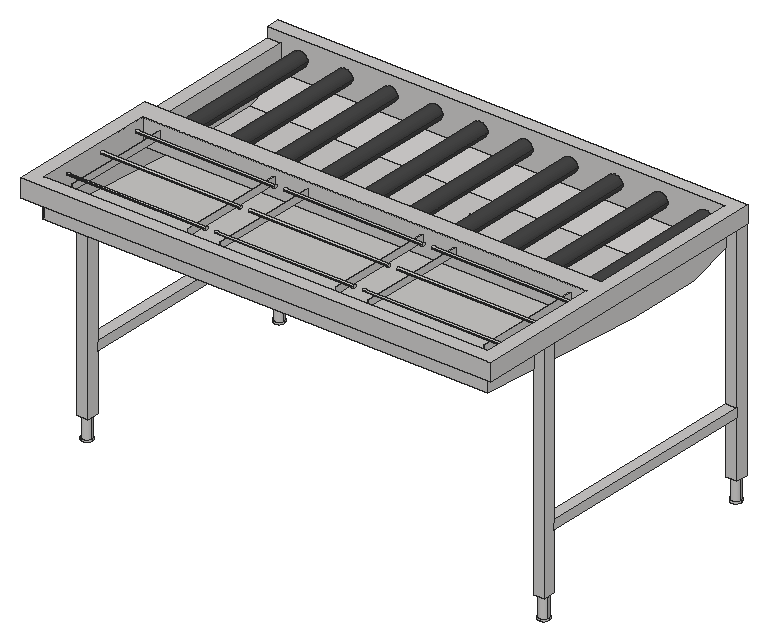
Revit family "QF_ELECTROLUXPROFESSIONAL_865257_HSMSS3RL", category Specialty Equipment, Revit 2018
Family settings
  Round Connector Dimension = Use Diameter
  Part Type = Normal
  Work Plane-Based = No
  Always vertical = Yes
  Cut with Voids When Loaded = No
  Shared = No
  Room Calculation Point = No
Parameters
  Weight = 0.00 kg
  Watts = 0 W
  Volts = 0 V
  URL Manufacturer = ""
  Steam Supply Size = 0 mm
  Steam Supply Minimum Pressure = 0.0 Pa
  Steam Supply Maximum Pressure = 0.0 Pa
  Steam Pounds per Hour = 0
  Refrigeration Suction Line Size = 0 mm
  Refrigeration Liquid Line Size = 0 mm
  Refrigerant Compressor Remote = yes
  Phase = 0
  Length Actual = 0 mm
  Item Number = ""
  Hot Water Size = 0 mm
  Height Actual = 0 mm
  HP = ""
  Gas Size = 0 mm
  Gas KW = 0
  Gas Input Pressure = 0 W
  Depth Actual = 0 mm
  Cycle = 0 Hz
  Condensate Return Size = 0 mm
  Compressed Air Volume = 0.0 L/s
  Compressed Air Size = 0 mm
  Compressed Air Pressure = 0.0 Pa
  Cold Water Size = 0 mm
  Accessory = yes
Reference planes
  plane 1: z = 0
  plane 2 "RIGHT": x = 300
  plane 3: z = 910
  plane 4: z = 0
  plane 5: z = 300
  plane 6 "BACK": y = 310
  plane 7 "FRONT": y = -800
  plane 8 "LEFT": x = -1320
  plane 9 "Center": y = 0
Forms (mm)
  Extrusion 1, solid, material "QF_Finishes_Stainless Steel"
    sketch origin (0, 0, 0) x (-1, 0, 0) y (0, -1, 0)
      loop
        line (1320, 800) -> (-300, 800) -> (-300, -310) -> (1320, -310) -> (1320, -265) -> (-255, -265) -> (-255, 755) -> (1275, 755) -> (1275, 265) -> (1320, 265) -> (1320, 800)
    from 850.091 to 910
  Extrusion 2, solid, material "QF_Finishes_Stainless Steel"
    sketch origin (0, 0, 0) x (0, 1, 0) y (0, 0, -1)
      loop
        line (-756.248, -850.091) -> (-755, -850.091) -> (-755, -784.848) -> (-131.111, -741.138) -> (130.374, -741.138) -> (265, -784.879) -> (265, -850.091) -> (266.249, -850.091) -> (266.249, -782.13) -> (130.849, -738.138) -> (-131.216, -738.138) -> (-756.248, -781.928) -> (-756.248, -850.091)
    from -255 to 1275
  Revolve 3, solid, material "QF_Finishes_Stainless Steel"
    sketch origin (-510, 0.526, -123.199) x (-1, 0, 0) y (0, 0, -1)
      loop
        line (76.494, -861.337) -> (76.494, -847.59)
        arc (76.494, -847.59) -> (75.89, -845.987) -> (74.39, -845.16) r 2.474
        arc (74.39, -845.16) -> (71.083, -841.301) -> (74.377, -837.43) r 3.913
        arc (74.377, -837.43) -> (75.887, -836.598) -> (76.494, -834.985) r 2.49
        line (76.494, -834.985) -> (76.494, -794.661)
        arc (76.494, -794.661) -> (65.844, -763.962) -> (38.457, -746.476) r 49.516
        line (38.457, -746.476) -> (38.457, -743.987) -> (37.25, -742.336) -> (37.25, -740.749) -> (23.47, -734.749) -> (23.47, -698.838) -> (21.946, -697.377) -> (0, -697.377) -> (0, -861.337) -> (76.494, -861.337)
      axis (0, -861.337) -> (0, -697.377)
    angle from 0 to 360
  Extrusion 4, solid, material "QF_Finishes_Stainless Steel"
    sketch origin (0, 0, 0) x (-1, 0, 0) y (0, -1, 0)
      loop
        line (-255, 330.124) -> (-255, 265) -> (1275, 265) -> (1275, 330.124) -> (-255, 330.124)
    from 820 to 910
  Extrusion 5, solid, material "QF_Finishes_Stainless Steel"
    sketch origin (6.015, 0, -602.691) x (-1, 0, 0) y (0, -1, 0)
      loop
        line (1283.015, -266.249) -> (1323.015, -266.249) -> (1323.015, 521.738) -> (1283.015, 521.738) -> (1283.015, -266.249)
    from 872.691 to 902.691
  Extrusion 6, solid, material "QF_Finishes_Stainless Steel"
    sketch origin (-1277, 0, 0) x (0, 1, 0) y (0, 0, -1)
      loop
        line (-756.248, -781.928) -> (-756.248, -850.091) -> (-265, -850.091) -> (-265, -875) -> (265, -875) -> (265, -850.091) -> (266.249, -850.091) -> (266.249, -782.13) -> (130.849, -738.138) -> (-131.216, -738.138) -> (-756.248, -781.928)
    from 0 to -2
  Extrusion 7, solid, material "QF_Finishes_Stainless Steel"
    sketch origin (257, 0, 0) x (0, 1, 0) y (0, 0, 1)
      loop
        line (-756.248, 850.091) -> (-756.248, 781.928) -> (-131.216, 738.138) -> (130.849, 738.138) -> (266.249, 782.13) -> (266.249, 850.091) -> (-756.248, 850.091)
    from 0 to -2
  Extrusion 8, solid, material "QF_Finishes_Stainless Steel"
    sketch origin (-1026, 0.054, -598.981) x (1, 0, 0) y (0, 1, 0)
      loop
        line (1283, 266.195) -> (1283, -521.792) -> (1323, -521.792) -> (1323, 266.195) -> (1283, 266.195)
    from 869.081 to 898.981
  Extrusion 9, solid, material "QF_Finishes_Black"
    sketch origin (0, -2.5, 0) x (-1, 0, 0) y (0, 0, 1)
      loop
        circle (1207.529, 850.047) r 25
      loop
        circle (1052.523, 850.047) r 25
      loop
        circle (897.516, 850.047) r 25
      loop
        circle (742.51, 850.047) r 25
      loop
        circle (587.503, 850.047) r 25
      loop
        circle (432.497, 850.047) r 25
      loop
        circle (277.49, 850.047) r 25
      loop
        circle (122.484, 850.047) r 25
      loop
        circle (-32.523, 850.047) r 25
      loop
        circle (-187.529, 850.047) r 25
    from -262.5 to 267.5
  Extrusion 10, solid, material "QF_Finishes_Stainless Steel"
    sketch origin (0, -7.263, 2.863) x (-1, 0, 0) y (0, -1, 0)
      loop
        line (-200.029, 694.438) -> (-200.029, 322.861) -> (-196.981, 322.861) -> (-196.981, 694.438) -> (-200.029, 694.438)
      loop
        line (196.981, 694.438) -> (196.981, 322.861) -> (200.029, 322.861) -> (200.029, 694.438) -> (196.981, 694.438)
      loop
        line (1220.049, 694.438) -> (1217.001, 694.438) -> (1217.001, 322.861) -> (1220.049, 322.861) -> (1220.049, 694.438)
      loop
        line (823.039, 694.438) -> (819.991, 694.438) -> (819.991, 322.861) -> (823.039, 322.861) -> (823.039, 694.438)
      loop
        line (710.007, 694.438) -> (707.023, 694.438) -> (707.023, 322.861) -> (710.007, 322.861) -> (710.007, 694.438)
      loop
        line (312.997, 694.438) -> (310.013, 694.438) -> (310.013, 322.861) -> (312.997, 322.861) -> (312.997, 694.438)
    from 860 to 881.896
  Extrusion 11, solid, material "QF_Finishes_Stainless Steel"
    sketch origin (-2327.512, 265, 0) x (0, 1, 0) y (0, 0, 1)
      loop
        circle (-937.158, 888.745) r 3.985
      loop
        circle (-788.819, 888.745) r 3.985
      loop
        circle (-640.48, 888.745) r 3.985
    from 1067.5 to 1547.5
  Extrusion 12, solid, material "QF_Finishes_Stainless Steel"
    sketch origin (-1817.533, 265, 0) x (0, 1, 0) y (0, 0, 1)
      loop
        circle (-937.158, 888.745) r 3.985
      loop
        circle (-788.819, 888.745) r 3.985
      loop
        circle (-640.48, 888.745) r 3.985
    from 1067.5 to 1547.5
  Extrusion 13, solid, material "QF_Finishes_Stainless Steel"
    sketch origin (-1307.491, 265, 0) x (0, 1, 0) y (0, 0, 1)
      loop
        circle (-937.158, 888.745) r 3.985
      loop
        circle (-788.819, 888.745) r 3.985
      loop
        circle (-640.48, 888.745) r 3.985
    from 1067.5 to 1547.5
  Extrusion 14, solid, material "QF_Finishes_Stainless Steel"
    sketch origin (-1767.022, 52.5, 0) x (0, 1, 0) y (0, 0, -1)
      loop
        line (-362.5, -835) -> (-362.5, -850.091) -> (-317.5, -850.091) -> (-317.5, -875) -> (212.5, -875) -> (212.5, -850.091) -> (257.5, -850.091) -> (257.5, -835) -> (242.5, -820) -> (-347.5, -820) -> (-362.5, -835)
    from -450 to -447.022
  Extrusion 15, solid, material "QF_Finishes_Stainless Steel"
    sketch origin (1280, 265, 0) x (-1, 0, 0) y (0, 0, -1)
      loop
        line (2597.022, -875) -> (2597.022, -872) -> (2557, -872) -> (2557, -875) -> (2597.022, -875)
    from 0 to 530
Cuts and joins
  joined: Extrusion 1, Extrusion 2, Revolve 3, Extrusion 4, Extrusion 6, Extrusion 7, Extrusion 10, Extrusion 11, Extrusion 12, Extrusion 13, Extrusion 14, Extrusion 15
Lines and regions (mm)
  Split face 1
    outline origin (-386.315, -0.079, 741.138) x (-1, 0, 0) y (0, -1, 0)
      loop
        circle (123.685, -0.035) r 73.783
  Split face 2
    outline origin (-386.315, -0.079, 741.138) x (-1, 0, 0) y (0, -1, 0)
      loop
        circle (123.685, -0.035) r 66.01
  Split face 3
    outline origin (-386.315, -0.079, 741.138) x (-1, 0, 0) y (0, -1, 0)
      loop
        circle (123.685, -0.035) r 53.774
  Split face 4
    outline origin (-386.315, -0.079, 741.138) x (-1, 0, 0) y (0, -1, 0)
      loop
        circle (123.685, -0.035) r 50.771
  Split face 5
    outline origin (-386.315, -0.079, 741.138) x (-1, 0, 0) y (0, -1, 0)
      loop
        circle (123.685, -0.035) r 33.793
  Split face 6
    outline origin (-386.315, -0.079, 741.138) x (-1, 0, 0) y (0, -1, 0)
      loop
        circle (123.685, -0.035) r 30.826
  Split face 7
    outline origin (-386.315, -0.079, 741.138) x (-1, 0, 0) y (0, -1, 0)
      loop
        circle (123.685, -0.035) r 13.843
  Split face 8
    outline origin (-386.315, -0.079, 741.138) x (-1, 0, 0) y (0, -1, 0)
      loop
        circle (123.685, -0.035) r 10.833
  symbolic lines
    curve 1: line (-1320, 310, 0) -> (300, 310, 0)
    curve 2: line (-1320, -800, 0) -> (-1320, 310, 0)
    curve 3: line (300, -800, 0) -> (-1320, -800, 0)
    curve 4: line (300, 310, 0) -> (300, -800, 0)
    curve 5: line (-1320, 265, 0) -> (255, 265, 0)
    curve 6: line (-1275, -755, 0) -> (-1275, 265, 0)
    curve 7: line (255, -755, 0) -> (-1275, -755, 0)
    curve 8: line (-1320, -265, 0) -> (255, -265, 0)
    curve 9: line (255, -330.124, 0) -> (-1275, -330.124, 0)
    curve 10: line (-1260.012, -371.495, 0) -> (-1260.012, -379.465, 0)
    curve 11: line (-1260.012, -379.465, 0) -> (-780.012, -379.465, 0)
    curve 12: line (-780.012, -379.465, 0) -> (-780.012, -371.495, 0)
    curve 13: line (-780.012, -371.495, 0) -> (-1260.012, -371.495, 0)
    curve 14: line (-1260.012, -519.834, 0) -> (-1260.012, -527.804, 0)
    curve 15: line (-1260.012, -527.804, 0) -> (-780.012, -527.804, 0)
    curve 16: line (-780.012, -527.804, 0) -> (-780.012, -519.834, 0)
    curve 17: line (-780.012, -519.834, 0) -> (-1260.012, -519.834, 0)
    curve 18: line (-1260.012, -668.173, 0) -> (-1260.012, -676.143, 0)
    curve 19: line (-1260.012, -676.143, 0) -> (-780.012, -676.143, 0)
    curve 20: line (-780.012, -676.143, 0) -> (-780.012, -668.173, 0)
    curve 21: line (-780.012, -668.173, 0) -> (-1260.012, -668.173, 0)
    curve 22: line (-1220.049, -330.124, 0) -> (-1220.049, -371.495, 0)
    curve 23: line (-1217.001, -330.124, 0) -> (-1217.001, -371.495, 0)
    curve 24: line (-1220.049, -379.465, 0) -> (-1220.049, -519.834, 0)
    curve 25: line (-1220.049, -701.7, 0) -> (-1220.049, -676.143, 0)
    curve 26: line (-1220.049, -701.7, 0) -> (-1217.001, -701.7, 0)
    curve 27: line (-1217.001, -701.7, 0) -> (-1217.001, -676.143, 0)
    curve 28: line (-1220.049, -668.173, 0) -> (-1220.049, -527.804, 0)
    curve 29: line (-1217.001, -527.804, 0) -> (-1217.001, -668.173, 0)
    curve 30: line (-1217.001, -519.834, 0) -> (-1217.001, -379.465, 0)
    curve 31: line (-823.039, -330.124, 0) -> (-823.039, -371.495, 0)
    curve 32: line (-819.992, -330.124, 0) -> (-819.992, -371.495, 0)
    curve 33: line (-823.039, -379.465, 0) -> (-823.039, -519.834, 0)
    curve 34: line (-823.039, -701.7, 0) -> (-823.039, -676.143, 0)
    curve 35: line (-823.039, -701.7, 0) -> (-819.992, -701.7, 0)
    curve 36: line (-819.992, -701.7, 0) -> (-819.992, -676.143, 0)
    curve 37: line (-823.039, -668.173, 0) -> (-823.039, -527.804, 0)
    curve 38: line (-819.992, -527.804, 0) -> (-819.992, -668.173, 0)
    curve 39: line (-819.992, -519.834, 0) -> (-819.992, -379.465, 0)
    curve 40: line (-750.033, -371.495, 0) -> (-750.033, -379.465, 0)
    curve 41: line (-750.033, -379.465, 0) -> (-270.033, -379.465, 0)
    curve 42: line (-270.033, -379.465, 0) -> (-270.033, -371.495, 0)
    curve 43: line (-270.033, -371.495, 0) -> (-750.033, -371.495, 0)
    curve 44: line (-750.033, -519.834, 0) -> (-750.033, -527.804, 0)
    curve 45: line (-750.033, -527.804, 0) -> (-270.033, -527.804, 0)
    curve 46: line (-270.033, -527.804, 0) -> (-270.033, -519.834, 0)
    curve 47: line (-270.033, -519.834, 0) -> (-750.033, -519.834, 0)
    curve 48: line (-750.033, -668.173, 0) -> (-750.033, -676.143, 0)
    curve 49: line (-750.033, -676.143, 0) -> (-270.033, -676.143, 0)
    curve 50: line (-270.033, -676.143, 0) -> (-270.033, -668.173, 0)
    curve 51: line (-270.033, -668.173, 0) -> (-750.033, -668.173, 0)
    curve 52: line (-710.071, -330.124, 0) -> (-710.071, -371.495, 0)
    curve 53: line (-707.023, -330.124, 0) -> (-707.023, -371.495, 0)
    curve 54: line (-710.071, -379.465, 0) -> (-710.071, -519.834, 0)
    curve 55: line (-710.071, -701.7, 0) -> (-710.071, -676.143, 0)
    curve 56: line (-710.071, -701.7, 0) -> (-707.023, -701.7, 0)
    curve 57: line (-707.023, -701.7, 0) -> (-707.023, -676.143, 0)
    curve 58: line (-710.071, -668.173, 0) -> (-710.071, -527.804, 0)
    curve 59: line (-707.023, -527.804, 0) -> (-707.023, -668.173, 0)
    curve 60: line (-707.023, -519.834, 0) -> (-707.023, -379.465, 0)
    curve 61: line (-313.061, -330.124, 0) -> (-313.061, -371.495, 0)
    curve 62: line (-310.013, -330.124, 0) -> (-310.013, -371.495, 0)
    curve 63: line (-313.061, -379.465, 0) -> (-313.061, -519.834, 0)
    curve 64: line (-313.061, -701.7, 0) -> (-313.061, -676.143, 0)
    curve 65: line (-313.061, -701.7, 0) -> (-310.013, -701.7, 0)
    curve 66: line (-310.013, -701.7, 0) -> (-310.013, -676.143, 0)
    curve 67: line (-313.061, -668.173, 0) -> (-313.061, -527.804, 0)
    curve 68: line (-310.013, -527.804, 0) -> (-310.013, -668.173, 0)
    curve 69: line (-310.013, -519.834, 0) -> (-310.013, -379.465, 0)
    curve 70: line (-239.991, -371.495, 0) -> (-239.991, -379.465, 0)
    curve 71: line (-239.991, -379.465, 0) -> (240.009, -379.465, 0)
    curve 72: line (240.009, -379.465, 0) -> (240.009, -371.495, 0)
    curve 73: line (240.009, -371.495, 0) -> (-239.991, -371.495, 0)
    curve 74: line (-239.991, -519.834, 0) -> (-239.991, -527.804, 0)
    curve 75: line (-239.991, -527.804, 0) -> (240.009, -527.804, 0)
    curve 76: line (240.009, -527.804, 0) -> (240.009, -519.834, 0)
    curve 77: line (240.009, -519.834, 0) -> (-239.991, -519.834, 0)
    curve 78: line (-239.991, -668.173, 0) -> (-239.991, -676.143, 0)
    curve 79: line (-239.991, -676.143, 0) -> (240.009, -676.143, 0)
    curve 80: line (240.009, -676.143, 0) -> (240.009, -668.173, 0)
    curve 81: line (240.009, -668.173, 0) -> (-239.991, -668.173, 0)
    curve 82: line (-200.029, -330.124, 0) -> (-200.029, -371.495, 0)
    curve 83: line (-196.981, -330.124, 0) -> (-196.981, -371.495, 0)
    curve 84: line (-200.029, -379.465, 0) -> (-200.029, -519.834, 0)
    curve 85: line (-200.029, -701.7, 0) -> (-200.029, -676.143, 0)
    curve 86: line (-200.029, -701.7, 0) -> (-196.981, -701.7, 0)
    curve 87: line (-196.981, -701.7, 0) -> (-196.981, -676.143, 0)
    curve 88: line (-200.029, -668.173, 0) -> (-200.029, -527.804, 0)
    curve 89: line (-196.981, -527.804, 0) -> (-196.981, -668.173, 0)
    curve 90: line (-196.981, -519.834, 0) -> (-196.981, -379.465, 0)
    curve 91: line (196.981, -330.124, 0) -> (196.981, -371.495, 0)
    curve 92: line (200.029, -330.124, 0) -> (200.029, -371.495, 0)
    curve 93: line (196.981, -379.465, 0) -> (196.981, -519.834, 0)
    curve 94: line (196.981, -701.7, 0) -> (196.981, -676.143, 0)
    curve 95: line (196.981, -701.7, 0) -> (200.029, -701.7, 0)
    curve 96: line (200.029, -701.7, 0) -> (200.029, -676.143, 0)
    curve 97: line (196.981, -668.173, 0) -> (196.981, -527.804, 0)
    curve 98: line (200.029, -527.804, 0) -> (200.029, -668.173, 0)
    curve 99: line (200.029, -519.834, 0) -> (200.029, -379.465, 0)
    curve 100: line (-1232.529, 265, 0) -> (-1232.529, -265, 0)
    curve 101: line (-1182.529, -265, 0) -> (-1182.529, 265, 0)
    curve 102: line (-1077.523, 265, 0) -> (-1077.523, -265, 0)
    curve 103: line (-1027.523, -265, 0) -> (-1027.523, 265, 0)
    curve 104: line (-922.516, 265, 0) -> (-922.516, -265, 0)
    curve 105: line (-872.516, -265, 0) -> (-872.516, 265, 0)
    curve 106: line (-767.51, 265, 0) -> (-767.51, -265, 0)
    curve 107: line (-717.51, -265, 0) -> (-717.51, 265, 0)
    curve 108: line (-612.503, 265, 0) -> (-612.503, -265, 0)
    curve 109: line (-562.503, -265, 0) -> (-562.503, 265, 0)
    curve 110: line (-457.497, 265, 0) -> (-457.497, -265, 0)
    curve 111: line (-407.497, -265, 0) -> (-407.497, 265, 0)
    curve 112: line (-302.49, 265, 0) -> (-302.49, -265, 0)
    curve 113: line (-252.49, -265, 0) -> (-252.49, 265, 0)
    curve 114: line (-147.484, 265, 0) -> (-147.484, -265, 0)
    curve 115: line (-97.484, -265, 0) -> (-97.484, 265, 0)
    curve 116: line (7.523, 265, 0) -> (7.523, -265, 0)
    curve 117: line (57.523, -265, 0) -> (57.523, 265, 0)
    curve 118: line (162.529, 265, 0) -> (162.529, -265, 0)
    curve 119: line (212.529, -265, 0) -> (212.529, 265, 0)
    curve 120: line (255, -755, 0) -> (255, -330.124, 0)
    curve 121: line (255, 265, 0) -> (255, -265, 0)
    curve 122: line (300, 0, 0) -> (270, 0, 0)
    curve 123: arc (-433.504, 0.526, 0) -> (-510, -75.97, 0) -> (-586.496, 0.526, 0) r 76.496
    curve 124: arc (-586.496, 0.526, 0) -> (-510, 77.021, 0) -> (-433.504, 0.526, 0) r 76.496
    curve 125: arc (-488.054, 0.526, 0) -> (-510, 22.472, 0) -> (-531.946, 0.526, 0) r 21.946
    curve 126: arc (-531.946, 0.526, 0) -> (-510, -21.421, 0) -> (-488.054, 0.526, 0) r 21.946
Dimensions and locks
  plane 3 to level = 910 mm
  plane 8 "LEFT" to plane 2 "RIGHT" = 1620 mm
  aligned and locked: level to plane 1
Nested families
  nested 1: "Foot_40x40" at (-1297, -541.738, 0), type "Foot_40x40"
    with A 850.091 mm
  nested 2: "Foot_40x40" at (-1297, 286.249, 0), type "Foot_40x40"
    with A 850.091 mm
  nested 3: "Foot_40x40" at (277, -541.738, 0) x (-1, 0, 0) z (0, 0, 1), type "Foot_40x40"
    with A 850.091 mm
  nested 4: "Foot_40x40" at (277, 286.249, 0) x (-1, 0, 0) z (0, 0, 1), type "Foot_40x40"
    with A 850.091 mm
Connectors
  piping at (-510, 0.526, 574.178), diameter 30
    settings: on cut or joined group of Extrusion 1, Extrusion 2, Revolve 3, Extrusion 4, Extrusion 6, Extrusion 7, Extrusion 10, Extrusion 11, Extrusion 12, Extrusion 13, Extrusion 14, Extrusion 15, index 1, connector inside diameter 609.6 mm, connector length 0 mm, flow factor 0, pipe flow 0.0 L/s, pressure drop 0.0 Pa, fitting loss kfactor 0, connector angle 0.00°, fixture units 0, engagement length 0 mm, angle of deflection 0.00°, flow configuration 1, flow direction 2, fitting loss method 0, system type 16, joint type 0, gender type 0, connector reference index -1, connector utility 0, adjustable connector no, is connector primary yes, connector description "Drain"
Definition of nested family "Foot_40x40"
  Parameters
    A [instance] = 850 mm
  Reference planes
    plane 1 "Centro (Fronte/Retro)": y = 0
    plane 2: z = 0
    plane 3 "Centro (Sinistra/Destra)": x = 0
    plane 4: z = 850
  Forms (mm)
    Extrusion 1, solid
      sketch origin (0, 0, 0) x (1, 0, 0) y (0, 1, 0)
        loop
          circle (0, 0) r 18
      from 0 to 5
    Extrusion 2, solid
      sketch origin (0, 0, 5) x (1, 0, 0) y (0, 1, 0)
        loop
          circle (0, 0) r 15
      from 0 to 70
    Extrusion 3, solid
      sketch origin (0, 0, 75) x (1, 0, 0) y (0, 1, 0)
        loop
          line (-20, 20) -> (-20, -20) -> (20, -20) -> (20, 20) -> (-20, 20)
      from 0 to 775
  Dimensions and locks
    "A": plane 4 to plane 2
    aligned and locked: level to plane 2
    aligned and locked: plane 4 to Extrusion 3
    aligned and locked: Extrusion 1 to level
  Automatic sketch dimensions
    plane 1 "Centro (Fronte/Retro)" to Extrusion 1 sketch curve = 0 mm
    Extrusion 1 sketch curve to plane 3 "Centro (Sinistra/Destra)" = 0 mm
    Extrusion 3 sketch curve to Extrusion 3 sketch curve = 40 mm  (x2)
    radius of Extrusion 1 sketch curve = 18 mm
    radius of Extrusion 2 sketch curve to Extrusion 1 = 3 mm
